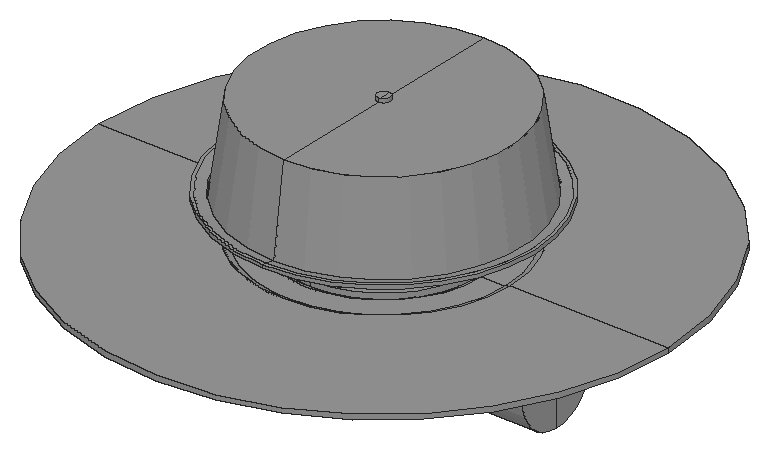
Revit family "HL_RU_Roof drain_HL64HPowerSafe-B-221103", category Sanitärinstallationen, Revit 2020
Family settings
  Bemaßung runder Anschluss = Durchmesser verwenden
  Teiletyp = Normal
  OmniClass-Nummer = 23.70.50.21.24.14
  OmniClass-Titel = Deck Waste Water Drains
  Arbeitsebenenbasiert = Nein
  Immer vertikal = Ja
  Beim Laden mit Abzugskörper schneiden = Nein
  Gemeinsam genutzt = Nein
  Raumberechnungspunkt = Ja
Parameters (values of type "HL_Кровельная воронка_HL64HPowerSafe")
  РЕШЁТКА = "Laubfangkorb d 262 mm"
  РАЗМЕР = "DN75"
  ПРОПУСКНАЯ СПОСОБНОСТЬ [instance] = 0.0 L/s
  ПРОИЗВОДИТЕЛЬНОСТЬ = "l/s"
  ПРАВОВАЯ ИНФОРМАЦИЯ = "Авторские права(©), права на дизайн или какие либо другие права интелектуальной собственности являются исключительной собственностью компании HL Hutterer & Lechner. Изменению не подлежит. Файл семейства с данными о прозводителе изделия защищен паролем с водяным знаком."
  НОМИНАЛЬНЫЙ ДИАМЕТР = 75 mm
  МАТЕРИАЛ = "PP"
  ВЫСОТА МОНТАЖА = "93 mm"
  ВЕС = "3,817 [kg]"
  Vorgabe-Ansicht = 0 mm
  Hersteller = "HL Hutterer & Lechner GmbH"  # constant formula
  URL = "http://www.hutterer-lechner.com/ru/products/catalog/roof-drains/HL64HPowerSafe.aspx"
  Материал плитка [instance] = none
  Lüftungsverbindung = no
  Abwasserrohrverbindung = yes
  HW-Verbindung = no
  KW-Verbindung = no
  Beschreibung = "Кровельные воронки"
  Model = "HL64HPowerSafe"
  Typenkommentare = "HL64HPowerSafe, Воронка для аварийного водостока с отсекателем воздуха, с горизонтальным выпуском DN75, с полимербитумным полотном, с возможностью регулировки толщины слоя воды."
  Keynote = "HL64HPowerSafe"
  Bысота монтажа [instance] = 28 mm  # constant formula
  G [instance] = 90.00°  # constant formula
  EAN = "9003076040872"
  D [instance] = 150 mm
  C [instance] = if(Bысота монтажа - 68 mm < 0 mm, 0 mm, Bысота монтажа - 68 mm)  # 0 mm
  B [instance] = Bысота монтажа + 60 mm  # 88 mm
  A [instance] = if(B - 100 mm > 15 mm, B - 100 mm, 15 mm)  # 15 mm
Reference planes
  plane 1 "Center (Front/Back)": y = 0
  plane 2: z = 0
  plane 3 "Center (Left/Right)": x = 0
  plane 4: z = -88
  plane 5: z = -28
Lines and regions (mm)
  model lines, style "InvisibleLines"
    curve 1: line (0, 0, 0) -> (0, 0, 20)
  model lines, style "PlumbingFixtures", detail levels coarse+medium
    curve 2: line (0, 0, -88) -> (0, 0, -73)
    curve 3: line (0, 0, -73) -> (-73, 0, 0)
    curve 4: line (0, 0, -73) -> (73, 0, 0)
    curve 6: line (0, 0, -88) -> (150, 0, -88)
  reference lines, not visible
    curve 5: line (0, 0, -88) -> (150, 0, -88)
  symbolic lines, style "PlumbingFixtures", detail levels coarse+medium
    curve 7: line (-75, 75, 0) -> (75, 75, 0)
    curve 8: line (-75, -75, 0) -> (-75, 75, 0)
    curve 9: line (75, -75, 0) -> (-75, -75, 0)
    curve 10: line (75, 75, 0) -> (75, -75, 0)
    curve 11: line (-75, 75, 0) -> (-145.711, 145.711, 0)
    curve 12: line (75, 75, 0) -> (145.711, 145.711, 0)
    curve 13: line (-75, -75, 0) -> (-145.711, -145.711, 0)
    curve 14: line (75, -75, 0) -> (145.711, -145.711, 0)
  symbolic lines, style "PlumbingFixtures", not visible, detail levels coarse+medium
    curve 15: line (-75, 75, 0) -> (75, 75, 0)
    curve 16: line (-75, -75, 0) -> (-75, 75, 0)
    curve 17: line (75, -75, 0) -> (-75, -75, 0)
    curve 18: line (75, 75, 0) -> (75, -75, 0)
    curve 19: line (-75, 75, 0) -> (-145.711, 145.711, 0)
    curve 20: line (75, 75, 0) -> (145.711, 145.711, 0)
    curve 21: line (-75, -75, 0) -> (-145.711, -145.711, 0)
    curve 22: line (75, -75, 0) -> (145.711, -145.711, 0)
Text (mm)
  text "FLOOR" at (-162.344, 0, -10.979), in view "Drain Construction View"
Dimensions and locks
  "B": plane 2 to plane 4
  "Bысота монтажа": plane 2 to plane 5
  "A": curve 4 to plane 4
  "D": curve 5 to curve 5
  "D": curve 6 to curve 6
  locked: curve 4 to plane 3 "Center (Left/Right)" (angle 45.00°)
  locked: plane 3 "Center (Left/Right)" to curve 3 (angle 45.00°)
  "G": angle curve 5 to plane 3 "Center (Left/Right)"
  aligned and locked: level to plane 2
  aligned and locked: plane 2 to curve 4
  aligned and locked: plane 2 to curve 3
  aligned and locked: plane 4 to curve 5
  aligned and locked: plane 3 "Center (Left/Right)" to curve 5
  aligned and locked: plane 4 to curve 2
  aligned and locked: plane 3 "Center (Left/Right)" to curve 6
  aligned and locked: plane 4 to curve 6
  aligned and locked: nested 1 to plane 5  (x2)
  aligned and locked: plane 2 to nested 2
  aligned and locked: plane 3 "Center (Left/Right)" to nested 1
  aligned and locked: plane 3 "Center (Left/Right)" to nested 2
Automatic sketch dimensions
  curve 2 to plane 3 "Center (Left/Right)" = 0 mm
  curve 1 to plane 3 "Center (Left/Right)" = 0 mm
  curve 1 to level = 0 mm
  level to curve 1 = 20 mm
Nested families
  nested 1: "HL_кровельные воронки - корпус_HL64HPowerSafe" at (0, 0, -32.5), type "HL_кровельные воронки - корпус_HL64HPowerSafe"
  nested 2: "HL_Вспомогательные материалы-Противопожарная защита_HL062.1EPowerSafe" at (0, 0, 0), Bысота монтажа <- "Bысота монтажа", type "HL_Вспомогательные материалы-Противопожарная защита_HL062.1EPowerSafe"
    with L2 158 mm, L 49 mm, IHmin 28 mm, IHmax 68 mm, Bысота монтажа 28 mm
Connectors
  piping at (150, 0, -88), diameter 75, driven by "ПРОПУСКНАЯ СПОСОБНОСТЬ", driven by "НОМИНАЛЬНЫЙ ДИАМЕТР"
    settings: on curve 5, index 1, connector inside diameter 609.6 mm, connector length 0 mm, flow factor 0, pipe flow 0.0 L/s, pressure drop 0.0 Pa, fitting loss kfactor 0, connector angle 0.00°, fixture units 0, engagement length 0 mm, angle of deflection 0.00°, flow configuration 1, flow direction 2, fitting loss method 0, system type 16, joint type 0, gender type 0, connector reference index -1, connector utility 0, adjustable connector yes, is connector primary yes, connector description ""
Definition of nested family "HL_кровельные воронки - корпус_HL64HPowerSafe"
  Parameters (values of type "HL_кровельные воронки - корпус_HL64HPowerSafe")
    НОМИНАЛЬНЫЙ ДИАМЕТР = 50 mm
    Default Elevation = 0 mm
    Manufacturer = ""
    URL = ""
    Description = ""
    Model = ""
    Type Comments = ""
    Cost = 0
  Reference planes
    plane 1 "Střed (vpředu/vzadu)": y = 0
    plane 2: z = 0
    plane 3 "Střed (vlevo/vpravo)": x = 0
  Forms (mm)
    Revolve 1, solid, detail levels fine
      sketch origin (0, 0, 0) x (1, 0, 0) y (0, 0, 1)
        loop
          line (-80, -24.473) -> (-80, 0) -> (-180, 0) -> (-180, -3.5) -> (-84.001, -3.5) -> (-84.001, -24.996) -> (-81.32, -35) -> (-67.172, -35) -> (-36.598, -92.5) -> (0, -92.5) -> (0, -31.5) -> (-78.117, -31.5) -> (-80, -24.473)
        axis (0, 0) -> (0, -92.5)
      angle from 0 to 360
    Revolve 2, solid, detail levels fine
      sketch origin (0, 0, 0) x (1, 0, 0) y (0, 0, 1)
        loop
          line (150, -55) -> (0, -55) -> (0, -92.5) -> (150, -92.5) -> (150, -55)
        axis (150, -55) -> (0, -55)
      angle from 0 to 360
    Extrusion 3, void
      sketch origin (0, 0, 0) x (1, 0, 0) y (0, 1, 0)
        loop
          circle (0, 0) r 81
      from -35 to 100
    Revolve 4, solid, detail levels fine
      sketch origin (0, 0, 0) x (1, 0, 0) y (0, 0, 1)
        loop
          line (-110.577, 4.5) -> (-247.5, 4.5) -> (-247.5, 0) -> (-80, 0) -> (-85.398, 2.301) -> (-105.398, 2.301) -> (-110.577, 4.5)
        axis (0, 4.5) -> (0, 0)
      angle from 0 to 360
  Cuts and joins
    Extrusion 3 cuts Revolve 2
  Dimensions and locks
    aligned and locked: level to plane 2
Definition of nested family "HL_Вспомогательные материалы-Противопожарная защита_HL062.1EPowerSafe"
  Parameters (values of type "HL_Вспомогательные материалы-Противопожарная защита_HL062.1EPowerSafe")
    РЕШЁТКА = "Laubfangkorb d 262 mm"
    ПРАВОВАЯ ИНФОРМАЦИЯ = "Авторские права(©), права на дизайн или какие либо другие права интелектуальной собственности являются исключительной собственностью компании HL Hutterer & Lechner. Изменению не подлежит. Файл семейства с данными о прозводителе изделия защищен паролем с водяным знаком."
    МАТЕРИАЛ = "PP"
    ВЕС = "1,289 [kg]"
    Default Elevation = 0 mm
    Manufacturer = "HL Hutterer & Lechner GmbH"
    URL = "http://www.hutterer-lechner.com/ru/products/catalog/roof-drains/HL062.1EPowersafe.aspx"
    Материал плитка = none
    Description = "Кровельные воронки"
    Model = "HL062.1EPowerSafe"
    L2 [instance] = 158 mm
    L [instance] = if(Bысота монтажа < IHmin, -100 mm, if(Bысота монтажа > IHmax, -100 mm, Bысота монтажа + 21 mm))  # 49 mm
    Type Comments = "HL062.1EPowerSafe, Вставка в воронку для аварийного водоотведения"
    Keynote = "HL062.1EPowerSafe"
    Bысота монтажа [instance] = 28 mm
    IHmin [instance] = 28 mm
    IHmax [instance] = 68 mm
    EAN = "9003076040568"
    Cost = 0
  Reference planes
    plane 1 "Střed (vpředu/vzadu)": y = 0
    plane 2: z = 0
    plane 3 "Střed (vlevo/vpravo)": x = 0
  Forms (mm)
    Revolve 1, solid, detail levels fine
      sketch origin (0, 0, 0) x (0, 1, 0) y (0, 0, 1)
        loop
          line (0, -66.5) -> (62.442, -66.5) -> (64.508, -64.434) -> (64.508, -0.792) -> (68.942, 3.642) -> (119.719, 3.642) -> (108.539, 78.674) -> (5.325, 78.674) -> (5.325, 81.183) -> (0, 81.183) -> (0, -66.5)
        axis (0, 81.183) -> (0, -66.5)
      angle from 0 to 360
    Revolve 2, solid, detail levels fine
      sketch origin (0, 68.849, -57.5) x (0, -1, 0) y (0, 0, -1)
        loop
          line (4.265, -44.566) -> (4.265, 0) -> (0, 0) -> (0, -3.5) -> (-5.643, -3.5) -> (-10.659, -10.663) -> (-10.659, -29.5) -> (-0.659, -29.5) -> (-0.659, -44.566) -> (4.265, -44.566)
        axis (68.849, -44.566) -> (68.849, 0)
      angle from 0 to 360
    Revolve 3, solid, detail levels fine
      sketch origin (0, 0, 0) x (0, 1, 0) y (0, 0, 1)
        loop
          line (64.584, -4.434) -> (65.451, -4.434) -> (69.885, 0) -> (124.039, 0) -> (124.771, 2.936) -> (131.655, 4.399) -> (131.655, 7.41) -> (129.286, 7.41) -> (120.568, 5.557) -> (120.568, 3.642) -> (69.732, 3.642) -> (64.584, -0.993) -> (64.584, -4.434)
        axis (0, 7.41) -> (0, -4.434)
      angle from 0 to 360
  Lines and regions (mm)
    reference lines
      curve 1: line (0, 68.849, -49) -> (0, -216.151, -49)
  Dimensions and locks
    "L": curve 1 to plane 2
    aligned and locked: level to plane 2
  Automatic sketch dimensions
    Revolve 2 sketch curve to curve 1 = 8.5 mm
    Revolve 2 sketch curve to curve 1 = 0 mm
    curve 1 to Revolve 2 sketch curve = 5 mm
    Revolve 2 sketch curve to curve 1 = 0.659 mm
    Revolve 2 sketch curve to curve 1 = 5.643 mm
    Revolve 2 sketch curve to Revolve 2 sketch curve = 5.016 mm
    curve 1 to Revolve 2 sketch curve = 4.265 mm
    Revolve 2 sketch curve to Revolve 2 sketch curve = 7.163 mm
    Revolve 2 sketch curve to curve 1 = 21 mm
    Revolve 2 sketch curve to curve 1 = 36.066 mm
    curve 1 to Revolve 2 sketch curve = 68.849 mm
    Revolve 2 sketch curve to curve 1 = 340.5 mm
    curve 1 to Revolve 2 sketch curve = 259.5 mm
    Revolve 1 sketch curve to plane 1 "Střed (vpředu/vzadu)" = 0 mm  (x2)
    Revolve 1 sketch curve to plane 1 "Střed (vpředu/vzadu)" = 5.325 mm
    Revolve 1 sketch curve to plane 1 "Střed (vpředu/vzadu)" = 62.442 mm
    Revolve 1 sketch curve to level = 0.792 mm
    Revolve 1 sketch curve to plane 1 "Střed (vpředu/vzadu)" = 64.508 mm
    Revolve 1 sketch curve to Revolve 1 sketch curve = 4.434 mm
    Revolve 1 sketch curve to Revolve 1 sketch curve = 39.597 mm
    Revolve 1 sketch curve to Revolve 1 sketch curve = 63.642 mm
    Revolve 1 sketch curve to Revolve 1 sketch curve = 2.066 mm
    level to Revolve 1 sketch curve = 78.674 mm
    Revolve 1 sketch curve to Revolve 1 sketch curve = 2.51 mm
    Revolve 1 sketch curve to Revolve 1 sketch curve = 50.777 mm
    level to Revolve 1 sketch curve = 3.642 mm
    Revolve 1 sketch curve to Revolve 1 sketch curve = 10 mm
    Revolve 1 sketch curve to Revolve 1 sketch curve = 25 mm
    level to Revolve 3 sketch curve = 0 mm
    Revolve 3 sketch curve to level = 4.434 mm
    Revolve 3 sketch curve to plane 1 "Střed (vpředu/vzadu)" = 65.451 mm
    level to Revolve 3 sketch curve = 3.642 mm
    Revolve 3 sketch curve to Revolve 3 sketch curve = 4.28 mm
    Revolve 3 sketch curve to Revolve 3 sketch curve = 0.154 mm
    level to Revolve 3 sketch curve = 5.557 mm
    Revolve 3 sketch curve to Revolve 3 sketch curve = 50.836 mm
    Revolve 3 sketch curve to Revolve 3 sketch curve = 3.471 mm
    level to Revolve 3 sketch curve = 2.936 mm
    Revolve 3 sketch curve to Revolve 3 sketch curve = 0.732 mm
    level to Revolve 3 sketch curve = 7.41 mm
    Revolve 3 sketch curve to Revolve 3 sketch curve = 4.515 mm
    Revolve 3 sketch curve to Revolve 3 sketch curve = 2.369 mm
    Revolve 3 sketch curve to Revolve 3 sketch curve = 3.011 mm
    Revolve 3 sketch curve to Revolve 3 sketch curve = 0.867 mm
    Revolve 3 sketch curve to level = 0.993 mm
    plane 1 "Střed (vpředu/vzadu)" to curve 1 = 216.151 mm
    curve 1 to plane 1 "Střed (vpředu/vzadu)" = 68.849 mm
